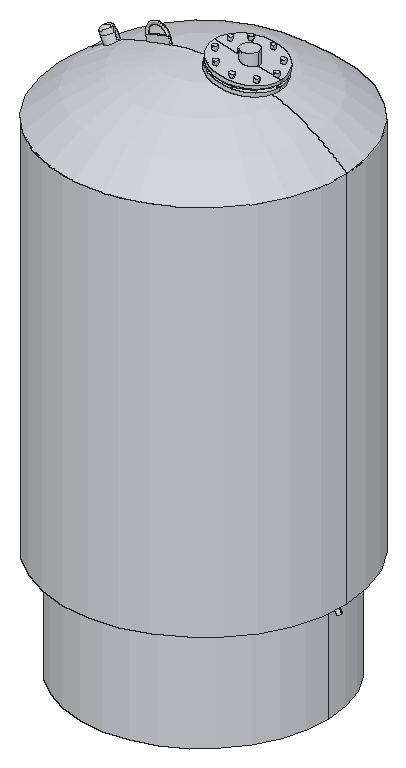
Revit family "TXA-2000", category Mechanical Equipment, Revit 2014
Parameters (values of type "TXA-2000")
  VoidLength = 7 1/2"
  URL = "http://westank.com/"
  TankVolume = "528 Gallons"
  SystemConnectionAngle = 50.00°
  PartNumber = "20012000"
  OuterRadius = 15"
  Model = "TXA-2000"
  MaximumOperatingTemperature = "240°F"
  MaximumOperatingPressure = "150 PSIG"
  Manufacturer = "Wessels Company"
  InnerRadius = 14.766"
  InnerCircleDiameter = F - 3" / 4  # 41 1/4"
  HandleAngle = 120.00°
  G = 9"
  F = 42"
  E = 9"
  DrainAngle = 63.00°
  C = 3"
  BottomOfTheCylinder = 6.11811"
  B = 96.00019"
  ApproximateShipmentWeight = "1525 lbs"
  Angle = 35.00°
  A = 48"
Reference planes (in)
  plane 1 "Center (Front/Back)": y = 0
  plane 2: z = 0
  plane 3 "Center (Left/Right)": x = 0
  plane 4: x = -24
  plane 5: y = 1.9685
  plane 6: y = -1.9685
  plane 7: z = 96.00019
  plane 8: x = 24
  plane 9: y = 0.15626
  plane 10: y = -0.15626
  plane 11: x = -21
  plane 12: x = 21
  plane 13: y = 0
  plane 14: y = 8.22887
  plane 15: y = -8.22887
  plane 16: through (0.00466, -180, 75.19677) normal (-0.9999, 0, -0.0139)
  plane 17: z = 92.36781
  plane 18: z = 9
  plane 19: x = 9
  plane 20: through (21.3101, -180, 17.44317) normal (-0.454, 0, 0.891)
  plane 21: z = 80.08887
  plane 22: z = 79.08887
  plane 23: through (-25.67744, -180, 86.89653) normal (-0.2419, 0, 0.9703)
Forms (in)
  Revolve 1, solid
    sketch origin (0, 0, -5.12538) x (1, 0, 0) y (0, 0, 1)
      loop
        arc (0, 97.6961) -> (-12.93692, 95.21879) -> (-24, 88.06972) r 34.46894
        line (-24, 88.06972) -> (-24, 23.49872)
        arc (-24, 23.49872) -> (-12.32539, 19.43585) -> (0, 18.49344) r 47.93669
        line (0, 18.49344) -> (0, 97.6961)
      axis (0, 97.6961) -> (0, 18.49344)
    angle from 0 to 360
  Extrusion 2, solid
    sketch origin (0, 0, 0) x (1, 0, 0) y (0, 1, 0)
      loop
        circle (0, 0) r 21
      loop
        circle (0, 0) r 20.625
    from 19.49834 to 0
  Revolve 3, solid
    sketch origin (-6.93578, 0, 75.96754) x (-0.406737, 0, 0.913545) y (-0.913545, 0, -0.406737)
      loop
        line (15.06887, 2.42756) -> (15.06887, 1.33917) -> (16.57527, 1.33917) -> (16.57527, 1.37214) -> (17.38341, 1.37214)
        arc (17.38341, 1.37214) -> (17.72865, 1.84352) -> (17.74556, 2.42756) r 0.9835
        line (17.74556, 2.42756) -> (15.06887, 2.42756)
      axis (15.06887, 2.42756) -> (17.74556, 2.42756)
    angle from 0 to 360
  Sweep 4, solid
    path origin (-12.625, 0, 55.33927) x (-1, 0, 0) y (0, 0, -1)
      loop
        arc (12.10198, 1.5) -> (13.85198, -0.25) -> (12.10198, -2) r 1.75
    profile origin (-26.47698, 0, 55.58927) x (-1, 0, 0) y (0, -1, 0)
      loop
        circle (0, 0) r 0.15625
  Extrusion 5, solid
    sketch origin (-7.75, 0, 55.33927) x (-1, 0, 0) y (0, 0, -1)
      loop
        line (16.97698, 1.65561) -> (16, 1.65561) -> (16, -2.1595) -> (16.97698, -2.1595) -> (16.97698, 1.65561)
    from 0.15626 to -0.15626
  Revolve 6, solid
    sketch origin (10.6882, 0, 80.35612) x (0.190809, 0, 0.981627) y (-0.981627, 0, 0.190809)
      loop
        line (13.18144, 5.76928) -> (9.44128, 5.76928) -> (9.44128, 2.63548)
        arc (9.44128, 2.63548) -> (10.42553, 2.86091) -> (11.40978, 2.63548) r 2.26145
        line (11.40978, 2.63548) -> (11.40978, 0.03486) -> (12.00033, 0.03486) -> (12.00033, 0.65115) -> (12.59089, 0.65115) -> (12.59089, 0.03486) -> (13.18144, 0.03486) -> (13.18144, 5.76928)
      axis (9.44128, 5.76928) -> (13.18144, 5.76928)
    angle from 0 to 360
  Extrusion 7, solid
    sketch origin (8.49572, -2.56268, 94.08208) x (0.981636, 0, -0.190762) y (-0.000005, 1, -0.000023)
      loop
        circle (-3.74768, 6.40672) r 0.3937
    from 0.59055 to -2.11745
  Extrusion 8, solid
    sketch origin (6.60525, -2.64003, 94.44979) x (0.745052, -0.651106, -0.144774) y (0.639138, 0.758987, -0.12426)
      loop
        circle (-3.74768, 6.40672) r 0.3937
    from 0.59055 to -2.11248
  Extrusion 9, solid
    sketch origin (5.12093, -1.44481, 94.7385) x (0.149337, -0.988362, -0.028979) y (0.970198, 0.152123, -0.188612)
      loop
        circle (-3.74768, 6.40672) r 0.3937
    from 0.59055 to -2.10562
  Extrusion 10, solid
    sketch origin (4.75771, 0.44684, 94.80968) x (-0.518357, -0.849202, 0.100807) y (0.833595, -0.528068, -0.162059)
      loop
        circle (-3.74768, 6.40672) r 0.3937
    from 0.59055 to -2.11832
  Extrusion 11, solid
    sketch origin (5.69159, 2.1231, 94.62815) x (-0.936185, -0.300705, 0.182025) y (0.295176, -0.953717, -0.057401)
      loop
        circle (-3.74768, 6.40672) r 0.3937
    from 0.59055 to -2.10775
  Extrusion 12, solid
    sketch origin (7.47179, 2.77597, 94.28218) x (-0.902744, 0.392739, 0.175525) y (-0.385528, -0.91965, 0.074915)
      loop
        circle (-3.74768, 6.40672) r 0.3937
    from 0.59055 to -2.10608
  Extrusion 13, solid
    sketch origin (9.24024, 2.09076, 93.93845) x (-0.434153, 0.896873, 0.08444) y (-0.880399, -0.442288, 0.171108)
      loop
        circle (-3.74768, 6.40672) r 0.3937
    from 0.59055 to -2.11652
  Extrusion 14, solid
    sketch origin (10.14498, 0.39774, 93.76115) x (0.243716, 0.968691, -0.047325) y (-0.950898, 0.248268, 0.184812)
      loop
        circle (-3.74768, 6.40672) r 0.3937
    from 0.59055 to -2.10776
  Extrusion 15, solid
    sketch origin (9.74914, -1.48699, 93.83825) x (0.804112, 0.573576, -0.156254) y (-0.563042, 0.819153, 0.10942)
      loop
        circle (-3.74768, 6.40672) r 0.3937
    from 0.59055 to -2.10712
  Extrusion 16, solid
    sketch origin (8.77141, 0.1875, 113.94052) x (1, 0, 0) y (0, 1, 0)
      loop
        circle (-1.14174, 0) r 1.5
    from -20.98349 to -17.94033
  Extrusion 17, solid
    sketch origin (0, 0, 7.25) x (0, 1, 0) y (0, 0, 1)
      loop
        circle (0, 72.33887) r 0.5
    from -23.66872 to -25.20532
Cuts and joins
  joined: Revolve 1, Revolve 3, Extrusion 5, Revolve 6, Extrusion 17
Dimensions and locks (in)
  equal spacing: plane 5, plane 1 "Center (Front/Back)", plane 6
  "B": plane 7 to level
  equal spacing: plane 8, plane 3 "Center (Left/Right)", plane 4
  "A": plane 8 to plane 4
  plane 9 to plane 10 = 0.31252"
  equal spacing: plane 12, plane 3 "Center (Left/Right)", plane 11
  "F": plane 12 to plane 11
  locked: Revolve 3 sketch curve to Revolve 3 sketch curve at 0.03297
  equal spacing: plane 14, plane 13, plane 15
  locked: Revolve 6 sketch curve to Revolve 6 sketch curve at 0.59055  (x3)
  locked: Revolve 6 sketch curve to Revolve 6 sketch curve at 1.9685
  plane 1 "Center (Front/Back)" to Extrusion 16 sketch curve = 3/16"
  plane 7 to plane 17 = 3.63238"
  "G": plane 19 to plane 3 "Center (Left/Right)"
  plane 21 to plane 22 = 1"
  "C": diameter of Extrusion 16 sketch curve
  "F": diameter of Extrusion 2 sketch curve
  "InnerCircleDiameter": diameter of Extrusion 2 sketch curve
  aligned and locked: level to plane 2
  aligned and locked: plane 4 to Revolve 1 sketch curve
  aligned and locked: Revolve 3 sketch curve to Revolve 3 sketch curve
  aligned and locked: Extrusion 5 sketch curve to Sweep 4
  aligned and locked: Revolve 6 sketch curve to Revolve 6 sketch curve
  aligned and locked: plane 7 to Extrusion 16
  aligned and locked: plane 13 to nested 1
  aligned and locked: plane 13 to nested 2
Automatic sketch dimensions
  Revolve 1 sketch curve to plane 3 "Center (Left/Right)" = 0"  (x2)
  Revolve 1 sketch curve to plane 3 "Center (Left/Right)" = 2.5386"
  Revolve 1 sketch curve to plane 3 "Center (Left/Right)" = 0.10518"
  plane 18 to Revolve 1 sketch curve = 4.36806"
  level to Revolve 1 sketch curve = 18.37334"
  Revolve 1 sketch curve to Revolve 1 sketch curve = 3.13554"
  Revolve 1 sketch curve to Revolve 1 sketch curve = 10.96462"
  Extrusion 2 sketch curve to Extrusion 2 sketch curve = 0"  (x2)
  plane 1 "Center (Front/Back)" to Extrusion 2 sketch curve = 0"
  Extrusion 2 sketch curve to plane 3 "Center (Left/Right)" = 0"
  Sweep 4 sketch curve to plane 4 = 0.72698"
  plane 22 to Sweep 4 sketch curve = 23.4996"
  Sweep 4 sketch curve to Sweep 4 sketch curve = 1 3/4"
  Sweep 4 sketch curve to profile plane = 0"
  profile plane to Sweep 4 sketch curve = 0"
  plane 4 to Extrusion 5 sketch curve = 1/4"
  plane 22 to Extrusion 5 sketch curve = 21.5901"
  Extrusion 5 sketch curve to Extrusion 5 sketch curve = 3.81511"
  Extrusion 16 sketch curve to plane 19 = 1.37033"
  Extrusion 17 sketch curve to plane 1 "Center (Front/Back)" = 0"
  plane 21 to Extrusion 17 sketch curve = 1/2"
  Revolve 1 sketch curve to plane 21 = 2 219/256"
  Revolve 1 sketch curve to plane 21 = 4.2438"
  plane 11 to Revolve 3 sketch curve = 5.71747"
  Revolve 3 sketch curve to plane 7 = 7.25394"
  Revolve 3 sketch curve to Revolve 3 sketch curve = 1.5064"
  Revolve 3 sketch curve to Revolve 3 sketch curve = 0"
  Revolve 3 sketch curve to Revolve 3 sketch curve = 0.22312"
  Revolve 3 sketch curve to Revolve 3 sketch curve = 0.80814"
  Revolve 3 sketch curve to Revolve 3 sketch curve = 0.94717"
  Revolve 3 sketch curve to Revolve 3 sketch curve = 0.26484"
  Revolve 3 sketch curve to Revolve 3 sketch curve = 5.44847"
  Revolve 3 sketch curve to Revolve 3 sketch curve = 0.07201"
  Revolve 6 sketch curve to plane 19 = 2.17361"
  Revolve 6 sketch curve to plane 23 = 4.14886"
  Revolve 6 sketch curve to Revolve 6 sketch curve = 0.98425"
  Revolve 6 sketch curve to Revolve 6 sketch curve = 3.1338"
  Revolve 6 sketch curve to Revolve 6 sketch curve = 1.98434"
  Revolve 6 sketch curve to Revolve 6 sketch curve = 0.05169"
  Revolve 6 sketch curve to Revolve 6 sketch curve = 0.61629"
  Revolve 6 sketch curve to Revolve 6 sketch curve = 19.38704"
  Revolve 6 sketch curve to Revolve 6 sketch curve = 0.1272"
  Revolve 6 sketch curve to Revolve 6 sketch curve = 0"
  radius of Sweep 4 sketch curve = 5/32"
  radius of Extrusion 17 sketch curve = 1/2"
  radius of Extrusion 7 sketch curve = 0.3937"
  radius of Extrusion 8 sketch curve = 0.3937"
  radius of Extrusion 9 sketch curve = 0.3937"
  radius of Extrusion 10 sketch curve = 0.3937"
  radius of Extrusion 11 sketch curve = 0.3937"
  radius of Extrusion 12 sketch curve = 0.3937"
  radius of Extrusion 13 sketch curve = 0.3937"
  radius of Extrusion 14 sketch curve = 0.3937"
  radius of Extrusion 15 sketch curve = 0.3937"
Nested families (in)
  nested 1: "BottomExtrusion" at (22.10059, 0, 17.84594) x (-0.891, 0, -0.454) z (-0.454, 0, 0.891), type "BottomExtrusion"
    with ExtrusionHeight 1.56584", EctrusionWidth 3/4"
  nested 2: "Hook" at (-7.27228, 0, 91.48545) x (-0.9703, 0, -0.2419) z (-0.2419, 0, 0.9703), type "Hook"
Connectors (in)
  piping at (7.62967, 0.1875, 96.00019), diameter 3, driven by "C"
    settings: on Extrusion 16, index 1, connector inside diameter 24", connector length 0", flow factor 0, pipe flow 0 GPM, pressure drop 0.00 psi, fitting loss kfactor 0, connector angle 0.00°, fixture units 0, engagement length 0", angle of deflection 0.00°, flow configuration 0, flow direction 0, fitting loss method 0, system type 7, joint type 0, gender type 0, connector reference index -1, connector utility 0, adjustable connector no, is connector primary yes, connector description ""
Definition of nested family "BottomExtrusion"
  Parameters (values of type "BottomExtrusion")
    ExtrusionHeight [instance] = 1.56584"
    EctrusionWidth [instance] = 3/4"
    Default Elevation = 48"
  Reference planes (in)
    plane 1 "Center (Front/Back)": y = 0
    plane 2: z = 0
    plane 3 "Center (Left/Right)": x = 0
    plane 4: x = -0.375
    plane 5: x = 0.375
    plane 6: z = 0.62834
    plane 7: z = -1.56584
  Forms (in)
    Extrusion 1, solid
      sketch origin (0, 0, 0) x (1, 0, 0) y (0, 1, 0)
        loop
          line (-48, 48) -> (-48, -48) -> (48, -48) -> (48, 48) -> (-48, 48)
      from 0 to -12
    Revolve 2, solid
      sketch origin (0, 0, 0) x (1, 0, 0) y (0, 0, 1)
        loop
          line (0, 0.62834) -> (0, -1.56584) -> (0.375, -1.56584) -> (0.375, 0.62834) -> (0, 0.62834)
        axis (0, 0.62834) -> (0, -1.56584)
      angle from 0 to 360
  Dimensions and locks (in)
    equal spacing: plane 5, plane 3 "Center (Left/Right)", plane 4
    "EctrusionWidth": plane 5 to plane 4
    "ExtrusionHeight": plane 2 to plane 7
    aligned and locked: plane 2 to Extrusion 1
    aligned and locked: level to Extrusion 1
    aligned and locked: Revolve 2 sketch curve to plane 3 "Center (Left/Right)"
    aligned and locked: Revolve 2 sketch curve to plane 6
    aligned and locked: plane 7 to Revolve 2 sketch curve
  Automatic sketch dimensions
    Extrusion 1 sketch curve to Extrusion 1 sketch curve = 96"  (x2)
    Revolve 2 sketch curve to plane 3 "Center (Left/Right)" = 0"
    Revolve 2 sketch curve to plane 5 = 0"
    Revolve 2 sketch curve to Revolve 2 sketch curve = 23.28881"
    Revolve 2 sketch curve to Revolve 2 sketch curve = 101.27798"
Definition of nested family "Hook"
  Parameters (values of type "Hook")
    Length = 3.93701"
    Height = 1.37795"
    Depth = 0.3937"
    Default Elevation = 48"
    CircleDiameter = Length * 0.1  # 0.3937"
  Reference planes (in)
    plane 1 "Center (Front/Back)": y = 0
    plane 2: z = 0
    plane 3 "Center (Left/Right)": x = 0
    plane 4: y = 0.19685
    plane 5: y = -0.19685
    plane 6: x = -1.9685
    plane 7: x = 1.9685
    plane 8: z = 1.37795
    plane 9: x = -1.5748
    plane 10: x = 1.5748
    plane 11: x = -1.77165
    plane 12: x = 1.77165
    plane 13: z = 3.15368
  Forms (in)
    Extrusion 1, solid
      sketch origin (0, 0, 0) x (1, 0, 0) y (0, 1, 0)
        loop
          line (-48, 48) -> (-48, -48) -> (48, -48) -> (48, 48) -> (-48, 48)
      from 0 to -12
    Extrusion 2, solid
      sketch origin (0, 0, 0) x (1, 0, 0) y (0, 1, 0)
        loop
          line (-1.9685, 0.19685) -> (-1.9685, -0.19685) -> (1.9685, -0.19685) -> (1.9685, 0.19685) -> (-1.9685, 0.19685)
      from 0 to 1.37795
    Sweep 3, solid
      path origin (0, 0, 0) x (1, 0, 0) y (0, 0, 1)
        loop
          arc (-1.77165, 1.37795) -> (0, 3.14961) -> (1.77165, 1.37795) r 1.77165
      profile origin (0, 0, 3.14961) x (0, 0, 1) y (0, -1, 0)
        loop
          circle (0, 0) r 0.19685
  Dimensions and locks (in)
    equal spacing: plane 4, plane 1 "Center (Front/Back)", plane 5
    "Depth": plane 4 to plane 5
    equal spacing: plane 6, plane 3 "Center (Left/Right)", plane 7
    "Length": plane 6 to plane 7
    "Height": plane 8 to Extrusion 1
    locked: plane 1 "Center (Front/Back)" to Sweep 3 sketch curve at 0
    equal spacing: plane 9, plane 11, plane 6
    equal spacing: plane 7, plane 12, plane 10
    locked: plane 7 to plane 12 at 0.19685
    locked: plane 11 to plane 6 at 0.19685
    "CircleDiameter": diameter of Sweep 3 sketch curve
    aligned and locked: plane 2 to Extrusion 1
    aligned and locked: level to Extrusion 1
    aligned and locked: Extrusion 2 sketch curve to plane 4
    aligned and locked: plane 6 to Extrusion 2 sketch curve
    aligned and locked: plane 5 to Extrusion 2 sketch curve
    aligned and locked: Extrusion 2 sketch curve to plane 7
    aligned and locked: plane 8 to Extrusion 2
    aligned and locked: plane 8 to Sweep 3 sketch curve  (x2)
    aligned and locked: plane 11 to Sweep 3 sketch curve
    aligned and locked: plane 12 to Sweep 3 sketch curve
  Automatic sketch dimensions
    Extrusion 1 sketch curve to Extrusion 1 sketch curve = 96"  (x2)
    Extrusion 2 sketch curve to plane 6 = 0"
    profile plane to Sweep 3 sketch curve = 0"
